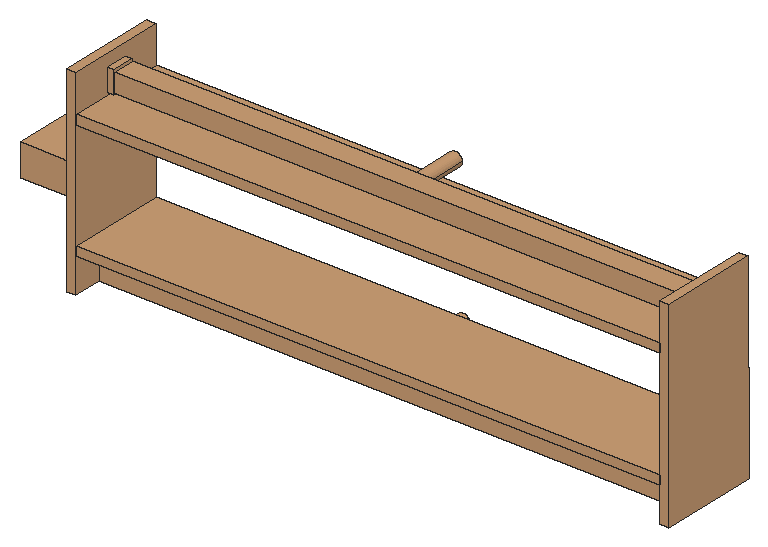
Revit family
Parameters
  Center Of Unit = 0' - 0"  # constant formula
  Water Pressure Drop [instance] = 0.00 psi
  Water Flow [instance] = 0 GPM
  Unit Weight (lbs) = 854
  URL = "http://www.ljwing.com/"
  Water Outlet Radius = 0' - 1 1/2"
  Water Outlet Odd sizes = 0' - 0"
  Total Heating Capacity [instance] = 0.0 Btu/h
  Temperature Rise [instance] = 0 °F
  Series = "VIFB"
  Outlet Area = 21.40 SF
  Number of Rows = 1  # constant formula
  Number of Coils [instance] = 0
  Nominal Length = 11' - 0 5/8"
  Model = "VA-12"
  Manufacturer = "LJ Wing"
  Leaving Water Temperature [instance] = 0 °F
  Leaving Air Temperature [instance] = 0 °F
  Face Velocity (FPM) [instance] = 0
  Entering Water Temperature [instance] = 0 °F
  Entering Air Temperature [instance] = 0 °F
  Description = "Vertical Integral Face & Bypass Water Heating Coils"
  Hot Water Odd Sizes = 0' - 0"
  Hot Water Inlet Offset = 0' - 4 3/8"  # constant formula
  Hot Water Inlet  Radius = 0' - 1 1/2"
  Coil Face Area = Outlet Area * 0.56  # 11.984 SF
  Casing Material = ""
  Assembly Code = "D3020300"
  Air Pressure Drop [instance] = 0.00 in-wg
  Air Inlet Width = Nominal Length - 0' 4"  # 10' - 8 5/8"
  Air Inlet Height = Y  # 2' - 0"
  Air Flow [instance] = 0 CFM
  Z = 0' - 2 1/8"
  Y = 2' - 0"
  S = 0' - 9 3/4"
  Product URL = "http://www.ljwing.com/html/vifb.asp"
  OmniClass = "23-75 70 21 14"
  Nominal Height = 3' - 8"
  Nominal Depth = 1' - 10"
  R = 0' - 10 1/4"
  Q = 0' - 3 5/16"
  P = 0' - 5 1/8"
  L = 0' - 5 15/16"
Reference planes (in)
  plane 1 "Center (Front/Back)": y = 0
  plane 2: z = -12
  plane 3 "Center (Left/Right)": x = 0
  plane 4: z = 22.25
  plane 5: x = -66.3125
  plane 6: x = 66.3125
  plane 7: z = -21.75
  plane 8: z = 0
  plane 9: y = -11
  plane 10: y = 11
  plane 11: z = 12
  plane 12: z = 14
  plane 13: z = -14
  plane 14: x = 64.3125
  plane 15: x = -64.3125
  plane 16: z = 17.125
  plane 17: z = -15.8125
  plane 18: x = -63
  plane 19: x = 63
  plane 20: y = 13.125
  plane 21: y = 15.375
  plane 22: x = -77.3125
  plane 23: x = 0
  plane 24: x = 0
  plane 25: z = 19.125
  plane 26: z = 15.125
  plane 27: y = -2.5
  plane 28: y = 2.5
  plane 29: y = -4.5
Forms (in)
  Extrusion 1, solid, material "Painted Finish"
    sketch origin (0, 6, -9.75) x (1, 0, 0) y (0, 0, 1)
      loop
        line (-66.3125, -12) -> (-64.3125, -12) -> (-64.3125, 32) -> (-66.3125, 32) -> (-66.3125, -12)
      loop
        line (66.3125, -12) -> (66.3125, 32) -> (64.3125, 32) -> (64.3125, -12) -> (66.3125, -12)
    from -5 to 17
  Extrusion 2, solid, material "Painted Finish"
    sketch origin (0, 6, 0) x (1, 0, 0) y (0, 0, 1)
      loop
        line (64.3125, -12) -> (-64.3125, -12) -> (-64.3125, -14) -> (64.3125, -14) -> (64.3125, -12)
      loop
        line (64.3125, 12) -> (64.3125, 14) -> (-64.3125, 14) -> (-64.3125, 12) -> (64.3125, 12)
    from -5 to 17
  Extrusion 3, solid, material "Painted Finish"
    sketch origin (0, 10, -0.5) x (1, 0, 0) y (0, 0, 1)
      loop
        line (-66.3125, 4) -> (-77.3125, 4) -> (-77.3125, -3) -> (-66.3125, -3) -> (-66.3125, 4)
    from 0 to 20
  Extrusion 4, solid, material "Painted Finish"
    sketch origin (0, 6, 0) x (1, 0, 0) y (0, 0, 1)
      loop
        line (-62.6875, 19.125) -> (-62.6875, 15.125) -> (62.6875, 15.125) -> (62.6875, 19.125) -> (-62.6875, 19.125)
    from 3.5 to 8.5
  Extrusion 5, solid, material "Painted Finish"
    sketch origin (0, 0, 0) x (1, 0, 0) y (0, 0, 1)
      loop
        line (-62.6875, 14.625) -> (-62.6875, 19.625) -> (-64.3125, 19.625) -> (-64.3125, 14.625) -> (-62.6875, 14.625)
      loop
        line (64.3125, 14.625) -> (64.3125, 19.625) -> (62.6875, 19.625) -> (62.6875, 14.625) -> (64.3125, 14.625)
    from -2.5 to 2.5
  Extrusion 6, solid, material "Painted Finish"
    sketch origin (0, 23, 0) x (1, 0, 0) y (0, 0, 1)
      loop
        circle (0, 17.125) r 1.5
    from 9.875 to 20.5
  Extrusion 7, solid, material "Painted Finish"
    sketch origin (0, 6, 0) x (1, 0, 0) y (0, 0, 1)
      loop
        line (-64.3125, -14) -> (-64.3125, -21.75) -> (64.3125, -21.75) -> (64.3125, -14) -> (-64.3125, -14)
    from -5 to 10.5
  Extrusion 8, solid, material "Painted Finish"
    sketch origin (0, 23, 0) x (1, 0, 0) y (0, 0, 1)
      loop
        circle (0, -15.8125) r 1.5
    from 7.625 to 12
  Extrusion 9, void
    sketch origin (0, 0, 0) x (1, 0, 0) y (0, 0, 1)
      loop
        line (-64.3125, 12) -> (-64.3125, -12) -> (64.3125, -12) -> (64.3125, 12) -> (-64.3125, 12)
    from -11 to 11
Cuts and joins
  Extrusion 9 cuts Extrusion 1
  Extrusion 9 cuts Extrusion 2
Dimensions and locks (in)
  "Nominal Length": plane 6 to plane 5
  equal spacing: plane 6, plane 3 "Center (Left/Right)", plane 5
  "S": plane 2 to plane 7
  "Nominal Depth": plane 10 to plane 9
  equal spacing: plane 10, plane 1 "Center (Front/Back)", plane 9
  "Y": plane 11 to plane 2
  "R": plane 4 to plane 11
  locked: plane 12 to plane 11 at 2
  locked: plane 2 to plane 13 at 2
  "P": plane 4 to plane 16
  "L": plane 17 to plane 7
  "Q": plane 18 to plane 5
  "Q": plane 6 to plane 19
  "Z": plane 20 to plane 10
  "Hot Water Inlet Offset": plane 21 to plane 10
  locked: plane 5 to plane 22 at 11
  locked: Extrusion 3 sketch curve to Extrusion 3 sketch curve at 7
  locked: Extrusion 3 to Extrusion 3 at 20
  locked: plane 6 to plane 14 at 2
  locked: plane 15 to plane 5 at 2
  "Water Outlet Odd sizes": plane 23 to plane 3 "Center (Left/Right)"
  "Hot Water Odd Sizes": plane 3 "Center (Left/Right)" to plane 24
  equal spacing: plane 25, plane 16, plane 26
  locked: Extrusion 5 sketch curve to plane 25 at 0.5
  locked: plane 26 to Extrusion 5 sketch curve at 0.5
  locked: Extrusion 6 sketch curve to plane 16 at 0
  locked: Extrusion 6 sketch curve to plane 23 at 0
  locked: Extrusion 8 sketch curve to plane 17 at 0
  locked: Extrusion 8 sketch curve to plane 24 at 0
  locked: plane 25 to plane 26 at 4
  locked: plane 28 to plane 27 at 5
  equal spacing: plane 28, plane 1 "Center (Front/Back)", plane 27
  locked: plane 27 to plane 29 at 2
  plane 4 to plane 7 = 3' - 8"
  locked: Extrusion 5 sketch curve to Extrusion 1 at 1.625
  locked: Extrusion 5 sketch curve to Extrusion 5 sketch curve at 1.625
  locked: Extrusion 9 sketch curve to plane 11 at 0
  locked: Extrusion 9 sketch curve to plane 15 at 0
  locked: Extrusion 9 sketch curve to plane 14 at 0
  locked: Extrusion 9 sketch curve to plane 2 at 0
  equal spacing: plane 11, plane 8, plane 2
  "Water Outlet Radius": radius of Extrusion 6 sketch curve
  "Hot Water Inlet  Radius": radius of Extrusion 8 sketch curve
  aligned and locked: plane 9 to Extrusion 1
  aligned and locked: Extrusion 1 to plane 10
  aligned and locked: plane 15 to Extrusion 1
  aligned and locked: Extrusion 1 to plane 14
  aligned and locked: plane 9 to Extrusion 2
  aligned and locked: Extrusion 1 to plane 9
  aligned and locked: plane 10 to Extrusion 1  (x2)
  aligned and locked: Extrusion 2 to plane 10
  aligned and locked: plane 10 to Extrusion 2  (x2)
  aligned and locked: Extrusion 2 to plane 9  (x2)
  aligned and locked: plane 5 to Extrusion 3
  aligned and locked: Extrusion 5 sketch curve to plane 15
  aligned and locked: Extrusion 5 sketch curve to Extrusion 4
  aligned and locked: Extrusion 6 to plane 20
  aligned and locked: Extrusion 1 to Extrusion 7
  aligned and locked: plane 10 to Extrusion 8
  aligned and locked: Extrusion 8 to plane 21  (x2)
  aligned and locked: plane 27 to Extrusion 5
  aligned and locked: Extrusion 5 to Extrusion 4  (x2)
  aligned and locked: Extrusion 5 to plane 28
  aligned and locked: Extrusion 6 to Extrusion 4
  aligned and locked: plane 29 to Extrusion 7
  aligned and locked: Extrusion 8 to Extrusion 7
  aligned and locked: Extrusion 4 to Extrusion 5  (x2)
  aligned and locked: Extrusion 5 to Extrusion 1  (x2)
  aligned and locked: plane 2 to Extrusion 2
  aligned and locked: plane 6 to Extrusion 1 sketch curve
  aligned and locked: plane 14 to Extrusion 1 sketch curve
  aligned and locked: Extrusion 1 sketch curve to plane 15
  aligned and locked: Extrusion 1 sketch curve to plane 5
  aligned and locked: plane 7 to Extrusion 1 sketch curve
  aligned and locked: Extrusion 1 sketch curve to plane 7
  aligned and locked: Extrusion 1 sketch curve to plane 4
  aligned and locked: plane 4 to Extrusion 1 sketch curve
  aligned and locked: Extrusion 2 sketch curve to plane 11
  aligned and locked: Extrusion 2 sketch curve to plane 12
  aligned and locked: Extrusion 2 sketch curve to plane 14  (x2)
  aligned and locked: Extrusion 2 sketch curve to plane 15  (x2)
  aligned and locked: Extrusion 2 sketch curve to plane 13
  aligned and locked: plane 2 to Extrusion 2 sketch curve
  aligned and locked: Extrusion 7 sketch curve to plane 13
  aligned and locked: Extrusion 7 sketch curve to plane 7
  aligned and locked: Extrusion 7 sketch curve to plane 14
  aligned and locked: plane 15 to Extrusion 7 sketch curve
  aligned and locked: Extrusion 7 to plane 29
  aligned and locked: cut or joined group of Extrusion 1, Extrusion 9 to plane 10
Automatic sketch dimensions
  Extrusion 3 sketch curve to plane 22 = 0' - 0"
  Extrusion 3 sketch curve to plane 5 = 0' - 0"
  plane 8 to Extrusion 3 sketch curve = 0' - 3 1/2"
  Extrusion 4 sketch curve to plane 25 = 0' - 0"
  Extrusion 4 sketch curve to plane 26 = 0' - 0"
  plane 18 to Extrusion 4 sketch curve = 0' - 0 5/16"
  Extrusion 4 sketch curve to plane 19 = 0' - 0 5/16"
  plane 26 to Extrusion 5 sketch curve = 0' - 0 1/2"
  Extrusion 5 sketch curve to plane 25 = 0' - 0 1/2"
Connectors (in)
  hvac at (0, -11, 0), driven by "Air Inlet Height", driven by "Air Inlet Width", driven by "Air Flow", driven by "Air Pressure Drop"
    settings: on Extrusion 9, index 1
  hvac at (0, 11, 0), driven by "Air Pressure Drop", driven by "Air Inlet Height", driven by "Air Inlet Width", driven by "Air Flow"
    settings: on Extrusion 9, index 2
  piping at (0, 13.125, 17.125), driven by "Water Flow", driven by "Water Outlet Radius", driven by "Water Pressure Drop"
    settings: on Extrusion 6, index 3
  piping at (0, 15.375, -15.8125), driven by "Water Flow", driven by "Water Pressure Drop", driven by "Hot Water Inlet  Radius"
    settings: on Extrusion 8, index 4
